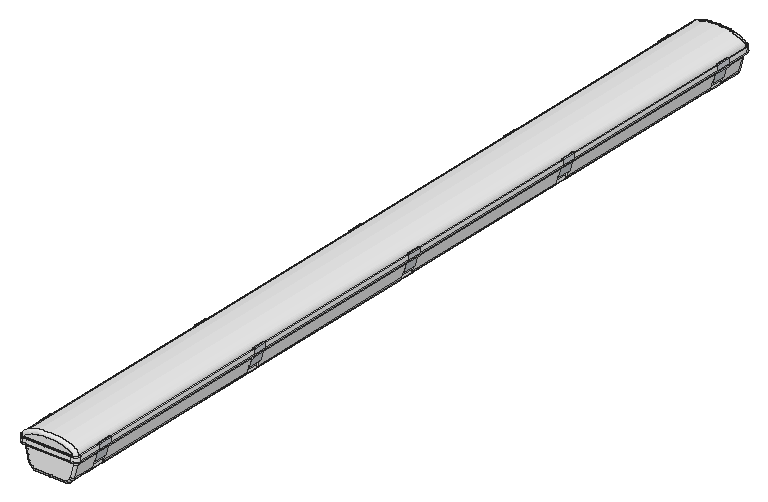
Revit family "0048795 Feilo Sylvania Lighting Fixture HYDROPROOF LED G3 1500MM T 4K MW", category Lighting Fixtures, host Face, Revit 2016
Family settings
  Host = Face
  Part Type = Normal
  Round Connector Dimension = Use Diameter
  OmniClass Number = 23.80.70.11.14
  OmniClass Title = General Luminaries, Directional
  Cut with Voids When Loaded = No
  Light Source = Yes
  Shared = No
  Room Calculation Point = No
Parameters (values of type "0048795 HYDROPROOF LED G3 1500MM T 4K MW")
  Width = 110 mm
  Weight = "2.6 kg"
  Wattage Comments = "n/a"
  Wattage = 48 W
  WarrantyStartDate [instance] = "n/a"
  WarrantyGuarantorParts = "n/a"
  WarrantyDurationUnit = "n/a"
  WarrantyDurationParts = "n/a"
  WarrantyDescription = "n/a"
  built-in parameter 1150110 = 1 (stored number, unit not read)
  Voltage = 230 V
  URL = "http://www.sylvania-lighting.com"
  TypeName = "HYDROPROOF LED G3 1500MM T 4K MW"
  Type Image = <None>
  Type Comments = "n/a"
  built-in parameter 1114217 = 1 (stored number, unit not read)
  Tilt Angle = -90.00°
  built-in parameter 1150109 = 1 (stored number, unit not read)
  built-in parameter 1150134 = 12
  built-in parameter 1150113 = 1 (stored number, unit not read)
  SerialNumber [instance] = "n/a"
  ReflectorMaterial = none
  PowerFactor = 0
  PowerConsumption = "48 W"
  Photometric Web File = "0048795.ies"
  NominalWidth = 0 mm
  NominalLength = 1578 mm
  NominalHeight = 78 mm
  Name = "HYDROPROOF LED G3 1500MM T 4K MW"
  ModelReference = "HYDROPROOF LED G3 1500MM T 4K MW"
  ModelNumber = "0048795"
  Model = "HYDROPROOF LED G3 1500MM T 4K MW"
  Material = "grp housing, pmma diffuser"
  ManufacturerName = "Feilo Sylvania"
  Manufacturer = "Feilo Sylvania"
  LuminousEfficacy = "144 lm/W"
  built-in parameter 1150105 = 550.04 (stored number, unit not read)
  Lumens = 6912 lm
  LuminaireType = ""
  built-in parameter 1150115 = 1 (stored number, unit not read)
  LightOutputRatio = "n/a"
  built-in parameter 1150137 = (empty or 0)
  built-in parameter 1150139 = (empty or 0)
  Length = 1572 mm
  LampsType = Lamp  # "LED"
  LampNominalLuminous = "6900 lm"
  LampMacAdamStep = "3"
  LampColourTemperature = "4000 K"
  LampColourRenderingIndex = "80"
  built-in parameter 1150112 = 1 (stored number, unit not read)
  built-in parameter 1150114 = 1 (stored number, unit not read)
  Lamp = "LED"
  Keynote = "16500"
  InstallationDate [instance] = "n/a"
  InputVoltage = "220-240V~"
  InputNominalFrequency = "50/60 Hz"
  built-in parameter 1150132 = (empty or 0)
  built-in parameter 1150102 = (empty or 0)
  built-in parameter 1150107 = 4000 (stored number, unit not read)
  built-in parameter 1150138 = (empty or 0)
  IngressProtection = "IP65"
  ImpactProtectionIndex = "IK02"
  built-in parameter 1150106 = 5.5004 (stored number, unit not read)
  IfcExportType = "IfcLightFixtureType"
  IfcExportAs = "IfcLightFixtureType"
  ExpectedLife = 50000
  Emit from Rectangle Width = Width - 20 mm  # 90 mm
  Emit from Rectangle Length = Length - 20 mm  # 1552 mm
  Emit Shape Visible in Rendering = no
  ElectricShockClassification = "Class I"
  built-in parameter 1150104 = 13.378 (stored number, unit not read)
  DurationUnit = "hours"
  DocumentationLiterature = "http://www.sylvania-lighting.com/product/en-int/products/0048795"
  DimmingControlOptions = "Non dimmable"
  Dimming Lamp Color Temperature Shift = <None>
  DiffuserMaterial = Diffuser-Sylvania-Transparent
  Description = "Hydroproof, integrated LED chemical resistant weatherproof luminaire, with UV stabilized flat diffuser and linear prisms designed to achieve uniform lit appearance, optimise light output and to reduce glare, stainless steel diffuser clips and fixing brackets for surface and wall mounting. L 1578 mm x W 110 mm x H 78 mm size, GRP housing, PMMA diffuser, Non dimmable,   4000K, CRI80,  6900 lm, 48 W, 144 lm/W, nominal average life (h):50000, energy class: A++ A+ A Class I,IK02, IP65."
  Default Elevation = 1219.2 mm
  CreatedOn = "3/27/2018"
  CreatedBy = "aron.fodor@feilosylvania.com"
  Cost = 0
  Color Filter = 16777215
  built-in parameter 1114216 [instance] = (empty or 0)
  ClassificationValue = "EF_70_80"
  ClassificationName = "Uniclass2015"
  BodyMaterial = Body-Sylvania-Gray
  BarCode [instance] = "n/a"
  built-in parameter 1114218 = 1 (stored number, unit not read)
  built-in parameter 1150133 = 10 (stored number, unit not read)
  AssetType = "Fixed"
  AssetIdentifier [instance] = "n/a"
  Assembly Code = "D5020200"
  Apparent Load = 48 VA
  AccessoryMaterial = Diffuser-Sylvania-Glow
Reference planes
  plane 1 "Center (Front/Back)": y = 0
  plane 2: z = 0
  plane 3 "Center (Left/Right)": x = 0
  plane 4: z = 54
  plane 5: x = -27.7
  plane 6: x = -34.8
  plane 7: x = -39.6
  plane 8: x = -42.2
  plane 9: z = 3
  plane 10: z = 7.8
  plane 11: z = 12.3
  plane 12: z = 36.6
  plane 13: z = 42.8
  plane 14: x = -51.1
  plane 15: z = 46.2
  plane 16: x = -55
  plane 17: y = 786
  plane 18: y = -786
  plane 19: x = 27.7
  plane 20: x = 34.8
  plane 21: x = 39.6
  plane 22: x = 42.2
  plane 23: x = 51.1
  plane 24: x = 55
  plane 25: y = 778.4
  plane 26: y = -778.4
  plane 27: y = -774.7
  plane 28: y = 774.7
  plane 29: z = 74
  plane 30: x = -51.5
  plane 31: x = 51.5
  plane 32: z = 55.2
  plane 33: y = -782.5
  plane 34: y = 782.5
  plane 35: x = -37.5
  plane 36: x = 37.5
  plane 37: x = -48.7
  plane 38: x = 48.7
  plane 39: x = 18
  plane 40: x = -18
  plane 41: z = 50.2
  plane 42: z = 24.6
  plane 43: y = 720
  plane 44: y = 706
  plane 45: y = 734
  plane 46: y = -720
  plane 47: y = 720
  plane 48: y = 706
  plane 49: y = 734
  plane 50: y = -720
  plane 51: y = -734
  plane 52: y = -706
  plane 53: y = 360
  plane 54: y = 346
  plane 55: y = 374
  plane 56: y = 0
  plane 57: y = -14
  plane 58: y = 14
  plane 59: y = -360
  plane 60: y = -374
  plane 61: y = -346
Forms (mm)
  Sweep 1, solid, material "Body-Sylvania-Gray" <- "BodyMaterial", detail levels medium+fine
    path origin (1223.4, -4572, 54) x (0, -1, 0) y (1, 0, 0)
      loop
        arc (-3796, -1278.4) -> (-3788.929, -1275.471) -> (-3786, -1268.4) r 10
        line (-3786, -1268.4) -> (-3786, -1178.4)
        arc (-3786, -1178.4) -> (-3788.929, -1171.329) -> (-3796, -1168.4) r 10
        line (-3796, -1168.4) -> (-5348, -1168.4)
        arc (-5348, -1168.4) -> (-5355.071, -1171.329) -> (-5358, -1178.4) r 10
        line (-5358, -1178.4) -> (-5358, -1268.4)
        arc (-5358, -1268.4) -> (-5355.071, -1275.471) -> (-5348, -1278.4) r 10
        line (-5348, -1278.4) -> (-3796, -1278.4)
    profile origin (-55, 0, 54) x (-1, 0, 0) y (0, 0, 1)
      loop
        line (0, 0) -> (-1, 0) -> (-1, -7.726)
        arc (-1, -7.726) -> (-1.994, -9.498) -> (-3.9, -10.2) r 2.937
        line (-3.9, -10.2) -> (-8.571, -10.2) -> (-8.571, -11.2) -> (-3.9, -11.2)
        arc (-3.9, -11.2) -> (-1.313, -10.231) -> (0, -7.8) r 3.937
        line (0, -7.8) -> (0, 0)
  Sweep 2, solid, material "Body-Sylvania-Gray" <- "BodyMaterial", detail levels medium+fine
    path origin (0, 0, 0) x (1, 0, 0) y (0, 0, 1)
      loop
        line (48.7, 42.8) -> (48.7, 36.6) -> (42.203, 12.31)
        arc (42.203, 12.31) -> (41.199, 9.884) -> (39.6, 7.8) r 10.052
        line (39.6, 7.8) -> (34.8, 3)
        arc (34.8, 3) -> (31.554, 0.781) -> (27.7, 0) r 9.902
        line (27.7, 0) -> (0, 0) -> (-27.7, 0)
        arc (-27.7, 0) -> (-31.554, 0.781) -> (-34.8, 3) r 9.902
        line (-34.8, 3) -> (-39.6, 7.8)
        arc (-39.6, 7.8) -> (-41.199, 9.884) -> (-42.203, 12.31) r 10.052
        line (-42.203, 12.31) -> (-48.7, 36.6) -> (-48.7, 42.8)
    profile origin (0, 0, 0) x (0, 0, -1) y (0, -1, 0)
      loop
        arc (0, 773.4) -> (-1.464, 776.936) -> (-5, 778.4) r 5
        line (-5, 778.4) -> (-7.8, 778.4) -> (-7.8, -778.4) -> (-5, -778.4)
        arc (-5, -778.4) -> (-1.464, -776.936) -> (0, -773.4) r 5
        line (0, -773.4) -> (0, 773.4)
  Extrusion 3, solid, material "Body-Sylvania-Gray" <- "BodyMaterial", detail levels medium+fine
    sketch origin (1524, 778.4, 1219.2) x (1, 0, 0) y (0, 0, 1)
      loop
        arc (-1558.668, -1204.874) -> (-1558.443, -1205.418) -> (-1558.085, -1205.885) r 2.252
        line (-1558.085, -1205.885) -> (-1553.231, -1210.738)
        arc (-1553.231, -1210.738) -> (-1552.534, -1211.227) -> (-1551.7, -1211.4) r 2.102
        line (-1551.7, -1211.4) -> (-1496.3, -1211.4)
        arc (-1496.3, -1211.4) -> (-1495.466, -1211.227) -> (-1494.769, -1210.738) r 2.102
        line (-1494.769, -1210.738) -> (-1489.915, -1205.885)
        arc (-1489.915, -1205.885) -> (-1489.557, -1205.418) -> (-1489.332, -1204.874) r 2.252
        line (-1489.332, -1204.874) -> (-1483.1, -1181.575) -> (-1483.1, -1176.4) -> (-1564.9, -1176.4) -> (-1564.9, -1181.575) -> (-1558.668, -1204.874)
    from 0 to 1556.8
  Sweep 4, solid, material "Diffuser-Sylvania-Transparent" <- "DiffuserMaterial", detail levels medium+fine
    path origin (0, 0, 0) x (1, 0, 0) y (0, 0, 1)
      loop
        spline (-51.5, 55.2) -> (-49.745, 60.066) -> (-44.6, 64.6) -> (-36.416, 68.494) -> (-25.75, 71.481) -> (-13.329, 73.359) -> (0, 74) -> (13.329, 73.359) -> (25.75, 71.481) -> (36.416, 68.494) -> (44.6, 64.6) -> (49.745, 60.066) -> (51.5, 55.2)
    profile origin (51.5, 0, 55.2) x (0, -1, 0) y (1, 0, 0)
      loop
        arc (782.5, -5.5) -> (780.889, -1.611) -> (777, 0) r 5.5
        line (777, 0) -> (-777, 0)
        arc (-777, 0) -> (-780.889, -1.611) -> (-782.5, -5.5) r 5.5
        line (-782.5, -5.5) -> (-782.5, -6.3) -> (-781.5, -6.3) -> (-781.5, -5.5)
        arc (-781.5, -5.5) -> (-780.182, -2.318) -> (-777, -1) r 4.5
        line (-777, -1) -> (777, -1)
        arc (777, -1) -> (780.182, -2.318) -> (781.5, -5.5) r 4.5
        line (781.5, -5.5) -> (781.5, -6.347) -> (782.5, -6.347) -> (782.5, -5.5)
  Extrusion 5, solid, material "Diffuser-Sylvania-Transparent" <- "DiffuserMaterial", detail levels medium+fine
    sketch origin (1524, -782.5, 1219.2) x (1, 0, 0) y (0, 0, 1)
      loop
        line (-1569.653, -1164) -> (-1478.347, -1164)
        spline (-1478.347, -1164) -> (-1478.969, -1162.594) -> (-1482.527, -1159.545) -> (-1489.588, -1156.201) -> (-1499.458, -1153.445) -> (-1511.242, -1151.663) -> (-1524, -1151.049) -> (-1536.758, -1151.663) -> (-1548.542, -1153.445) -> (-1558.412, -1156.201) -> (-1565.473, -1159.545) -> (-1569.031, -1162.594) -> (-1569.653, -1164)
    from 0 to -1
  Extrusion 6, solid, material "Diffuser-Sylvania-Transparent" <- "DiffuserMaterial", detail levels medium+fine
    sketch origin (1524, 782.5, 1219.2) x (1, 0, 0) y (0, 0, 1)
      loop
        spline (-1478.3, -1164) -> (-1478.931, -1162.565) -> (-1482.502, -1159.505) -> (-1489.572, -1156.155) -> (-1499.446, -1153.394) -> (-1511.236, -1151.614) -> (-1524, -1151.007) -> (-1536.764, -1151.614) -> (-1548.554, -1153.394) -> (-1558.428, -1156.155) -> (-1565.498, -1159.505) -> (-1569.069, -1162.565) -> (-1569.7, -1164)
        line (-1569.7, -1164) -> (-1478.3, -1164)
    from 0 to 1
  Extrusion 7, solid, material "Diffuser-Sylvania-Transparent" <- "DiffuserMaterial", detail levels medium+fine
    sketch origin (1223.4, -4572, 55.2) x (0, -1, 0) y (-1, 0, 0)
      loop
        arc (-5353.5, 1177.4) -> (-5352.182, 1174.218) -> (-5349, 1172.9) r 4.5
        line (-5349, 1172.9) -> (-3795, 1172.9)
        arc (-3795, 1172.9) -> (-3791.818, 1174.218) -> (-3790.5, 1177.4) r 4.5
        line (-3790.5, 1177.4) -> (-3790.5, 1269.4)
        arc (-3790.5, 1269.4) -> (-3791.818, 1272.582) -> (-3795, 1273.9) r 4.5
        line (-3795, 1273.9) -> (-5349, 1273.9)
        arc (-5349, 1273.9) -> (-5352.182, 1272.582) -> (-5353.5, 1269.4) r 4.5
        line (-5353.5, 1269.4) -> (-5353.5, 1177.4)
      loop
        line (-5358, 1268.4) -> (-5358, 1178.4)
        arc (-5358, 1178.4) -> (-5355.071, 1171.329) -> (-5348, 1168.4) r 10
        line (-5348, 1168.4) -> (-3796, 1168.4)
        arc (-3796, 1168.4) -> (-3788.929, 1171.329) -> (-3786, 1178.4) r 10
        line (-3786, 1178.4) -> (-3786, 1268.4)
        arc (-3786, 1268.4) -> (-3788.929, 1275.471) -> (-3796, 1278.4) r 10
        line (-3796, 1278.4) -> (-5348, 1278.4)
        arc (-5348, 1278.4) -> (-5355.071, 1275.471) -> (-5358, 1268.4) r 10
    from 0 to 1.2
  Extrusion 8, solid, material "Diffuser-Sylvania-Glow" <- "AccessoryMaterial", detail levels fine
    sketch origin (0, 0, 0) x (1, 0, 0) y (0, 0, 1)
      loop
        circle (-18, 50.2) r 8
      loop
        circle (18, 50.2) r 8
    from -774.7 to 774.7
  Extrusion 9, void
    sketch origin (0, 720, 2343.807) x (0, 0, -1) y (-1, 0, 0)
      loop
        line (2340.807, -37.5) -> (2331.507, -37.5) -> (2319.207, -42.2) -> (2319.207, -48.7) -> (2340.807, -48.7) -> (2340.807, -37.5)
      loop
        line (2340.807, 37.5) -> (2340.807, 48.7) -> (2319.207, 48.7) -> (2319.207, 42.2) -> (2331.507, 37.5) -> (2340.807, 37.5)
    from -14 to 14
  Extrusion 10, solid, material "Body-Sylvania-Gray" <- "BodyMaterial", detail levels coarse
    sketch origin (0, 0, 0) x (1, 0, 0) y (0, 0, 1)
      loop
        line (55, 42.8) -> (55, 55.2) -> (-55, 55.2) -> (-55, 42.791) -> (-42.2, 0) -> (42.2, 0) -> (55, 42.8)
    from -786 to 786
  Extrusion 11, solid, material "Diffuser-Sylvania-Transparent" <- "DiffuserMaterial", detail levels coarse
    sketch origin (0, 0, 0) x (1, 0, 0) y (0, 0, 1)
      loop
        arc (51.5, 55.2) -> (0, 74) -> (-51.5, 55.2) r 79.939
        line (-51.5, 55.2) -> (51.5, 55.2)
    from 778.4 to -778.4
  Extrusion 12, void, not visible
    sketch origin (0, 720, 2343.807) x (0, 0, -1) y (-1, 0, 0)
      loop
        line (2340.807, -37.5) -> (2331.507, -37.5) -> (2319.207, -42.2) -> (2319.207, -48.7) -> (2340.807, -48.7) -> (2340.807, -37.5)
      loop
        line (2340.807, 37.5) -> (2340.807, 48.7) -> (2319.207, 48.7) -> (2319.207, 42.2) -> (2331.507, 37.5) -> (2340.807, 37.5)
    from -14 to 14
  Extrusion 13, void
    sketch origin (0, -720, 2343.807) x (0, 0, -1) y (-1, 0, 0)
      loop
        line (2340.807, -37.5) -> (2331.507, -37.5) -> (2319.207, -42.2) -> (2319.207, -48.7) -> (2340.807, -48.7) -> (2340.807, -37.5)
      loop
        line (2340.807, 37.5) -> (2340.807, 48.7) -> (2319.207, 48.7) -> (2319.207, 42.2) -> (2331.507, 37.5) -> (2340.807, 37.5)
    from -14 to 14
  Extrusion 14, void
    sketch origin (0, 360, 2343.807) x (0, 0, -1) y (-1, 0, 0)
      loop
        line (2340.807, -37.5) -> (2331.507, -37.5) -> (2319.207, -42.2) -> (2319.207, -48.7) -> (2340.807, -48.7) -> (2340.807, -37.5)
      loop
        line (2340.807, 37.5) -> (2340.807, 48.7) -> (2319.207, 48.7) -> (2319.207, 42.2) -> (2331.507, 37.5) -> (2340.807, 37.5)
    from -14 to 14
  Extrusion 15, void
    sketch origin (0, 0, 2343.807) x (0, 0, -1) y (-1, 0, 0)
      loop
        line (2340.807, -37.5) -> (2331.507, -37.5) -> (2319.207, -42.2) -> (2319.207, -48.7) -> (2340.807, -48.7) -> (2340.807, -37.5)
      loop
        line (2340.807, 37.5) -> (2340.807, 48.7) -> (2319.207, 48.7) -> (2319.207, 42.2) -> (2331.507, 37.5) -> (2340.807, 37.5)
    from -14 to 14
  Extrusion 16, void
    sketch origin (0, -360, 2343.807) x (0, 0, -1) y (-1, 0, 0)
      loop
        line (2340.807, -37.5) -> (2331.507, -37.5) -> (2319.207, -42.2) -> (2319.207, -48.7) -> (2340.807, -48.7) -> (2340.807, -37.5)
      loop
        line (2340.807, 37.5) -> (2340.807, 48.7) -> (2319.207, 48.7) -> (2319.207, 42.2) -> (2331.507, 37.5) -> (2340.807, 37.5)
    from -14 to 14
Cuts and joins
  Extrusion 9, Extrusion 13, Extrusion 14, Extrusion 15, Extrusion 16 cuts Sweep 2
  Extrusion 13, Extrusion 14, Extrusion 15, Extrusion 16 cuts Extrusion 3
  joined: Sweep 2, Extrusion 3
  joined: Sweep 4, Extrusion 5, Extrusion 6
Dimensions and locks
  locked: plane 4 to plane 2 at 54
  plane 5 to plane 6 to plane 7 to plane 8 to plane 14 to plane 16 = 7.1 mm locked, 4.8 mm locked, 2.6 mm locked, 8.9 mm, 3.9 mm
  plane 4 to plane 15 to plane 13 to plane 12 to plane 11 to plane 10 to plane 9 = 7.8 mm locked, 3.4 mm, 6.2 mm locked, 24.3 mm locked, 4.5 mm locked, 4.8 mm locked
  equal spacing: plane 18, plane 1 "Center (Front/Back)", plane 17
  "Length": plane 18 to plane 17
  plane 19 to plane 20 to plane 21 to plane 22 to plane 23 to plane 24 = 7.1 mm locked, 4.8 mm locked, 2.6 mm locked, 8.9 mm, 3.9 mm
  equal spacing: plane 24, plane 3 "Center (Left/Right)", plane 16
  "Width": plane 24 to plane 16
  equal spacing: plane 27, plane 1 "Center (Front/Back)", plane 28
  locked: plane 26 to plane 27 at 3.7
  locked: Sweep 1 sketch curve to profile plane at 1
  locked: Sweep 1 sketch curve to plane 13 at 1
  locked: Sweep 1 sketch curve to plane 13 at 3.937  (x2)
  locked: Sweep 1 sketch curve to profile plane at 3.9  (x2)
  locked: plane 29 to plane 4 at 20
  equal spacing: plane 31, plane 3 "Center (Left/Right)", plane 30
  locked: plane 30 to plane 16 at 3.5
  locked: plane 32 to plane 4 at 1.2
  equal spacing: plane 33, plane 1 "Center (Front/Back)", plane 34
  equal spacing: plane 36, plane 3 "Center (Left/Right)", plane 35
  locked: plane 3 "Center (Left/Right)" to plane 35 at 37.5
  locked: plane 34 to plane 17 at 3.5
  equal spacing: plane 38, plane 3 "Center (Left/Right)", plane 37
  locked: plane 37 to plane 16 at 6.3
  equal spacing: plane 25, plane 1 "Center (Front/Back)", plane 26
  locked: plane 17 to plane 25 at 7.6
  locked: Sweep 2 sketch curve to plane 2 at 5  (x2)
  locked: Sweep 2 sketch curve to plane 26 at 5
  locked: plane 25 to Sweep 2 sketch curve at 5
  locked: Sweep 4 sketch curve to plane 31 at 5.5  (x2)
  locked: Sweep 4 sketch curve to plane 34 at 5.5
  plane 33 to Sweep 4 sketch curve = 5.5 mm
  locked: plane 34 to Sweep 4 sketch curve at 1
  locked: Sweep 4 sketch curve to plane 31 at 1
  locked: Sweep 4 sketch curve to Sweep 4 sketch curve at 1
  locked: Sweep 4 sketch curve to plane 31 at 6.347
  locked: Sweep 4 sketch curve to plane 31 at 6.3
  equal spacing: plane 39, plane 3 "Center (Left/Right)", plane 40
  locked: plane 3 "Center (Left/Right)" to plane 40 at 18
  locked: plane 42 to plane 2 at 24.6
  plane 45 to plane 43 to plane 44 = 14 mm locked, 14 mm locked
  locked: plane 17 to plane 43 at 66
  equal spacing: plane 43, plane 1 "Center (Front/Back)", plane 46
  plane 49 to plane 47 to plane 48 = 14 mm locked, 14 mm locked
  plane 52 to plane 50 to plane 51 = 14 mm locked, 14 mm locked  (x2)
  equal spacing: group 1, group 6, group 7, group 8, group 5  (x2)
  equal spacing: group 5, group 8, group 7, group 6, group 1
  plane 55 to plane 53 to plane 54 = 14 mm locked, 14 mm locked  (x2)
  plane 58 to plane 56 to plane 57 = 14 mm locked, 14 mm locked  (x2)
  plane 61 to plane 59 to plane 60 = 14 mm locked, 14 mm locked  (x2)
  plane 43 to plane 53 to plane 1 "Center (Front/Back)" to plane 59 to plane 50 = 360 mm locked, 360 mm locked, 360 mm locked, 360 mm locked
  aligned and locked: plane 2 to host face
  aligned and locked: level to host face
  aligned and locked: plane 16 to Sweep 1 sketch curve
  aligned and locked: Sweep 1 sketch curve to plane 24
  aligned and locked: plane 18 to Sweep 1 sketch curve
  aligned and locked: Sweep 1 sketch curve to plane 13
  aligned and locked: profile plane to Sweep 1 sketch curve
  aligned and locked: plane 3 "Center (Left/Right)" to Sweep 2 sketch curve
  aligned and locked: plane 9 to Sweep 2 sketch curve
  aligned and locked: plane 10 to Sweep 2 sketch curve
  aligned and locked: plane 37 to Sweep 2 sketch curve
  aligned and locked: plane 12 to Sweep 2 sketch curve
  aligned and locked: Sweep 2 sketch curve to level
  aligned and locked: plane 21 to Sweep 2 sketch curve
  aligned and locked: plane 38 to Sweep 2 sketch curve
  aligned and locked: profile plane to Sweep 2 sketch curve
  aligned and locked: plane 25 to Sweep 2 sketch curve
  aligned and locked: Sweep 2 sketch curve to plane 10
  aligned and locked: Extrusion 3 sketch curve to Sweep 2  (x7)
  aligned and locked: Sweep 2 to Extrusion 3 sketch curve
  aligned and locked: Extrusion 3 to plane 25
  aligned and locked: plane 26 to Extrusion 3
  aligned and locked: plane 32 to Sweep 4 sketch curve
  aligned and locked: plane 33 to Sweep 4 sketch curve
  aligned and locked: Sweep 4 to Extrusion 5
  aligned and locked: plane 33 to Extrusion 5
  aligned and locked: Extrusion 5 sketch curve to Sweep 4
  aligned and locked: cut or joined group of Sweep 4, Extrusion 5, Extrusion 6 to Extrusion 6 sketch curve
  aligned and locked: Extrusion 7 sketch curve to cut or joined group of Sweep 4, Extrusion 5, Extrusion 6  (x2)
  aligned and locked: cut or joined group of Sweep 4, Extrusion 5, Extrusion 6 to Extrusion 7 sketch curve  (x2)
  aligned and locked: plane 41 to Extrusion 8 sketch curve  (x2)
  aligned and locked: plane 39 to Extrusion 8 sketch curve
  aligned and locked: plane 27 to Extrusion 8
  aligned and locked: Extrusion 8 to plane 28
  aligned and locked: Extrusion 9 to plane 42
  aligned and locked: plane 9 to Extrusion 9
  aligned and locked: plane 44 to Extrusion 9
  aligned and locked: Extrusion 9 to plane 45
  aligned and locked: Extrusion 7 sketch curve to Sweep 1  (x4)
  aligned and locked: plane 4 to Extrusion 7
  aligned and locked: Extrusion 7 to plane 32
  aligned and locked: nested 2 to plane 43
  aligned and locked: plane 43 to nested 1
  aligned and locked: Extrusion 10 sketch curve to plane 24
  aligned and locked: Extrusion 10 sketch curve to Extrusion 7
  aligned and locked: plane 8 to Extrusion 10 sketch curve
  aligned and locked: plane 22 to Extrusion 10 sketch curve
  aligned and locked: level to Extrusion 10 sketch curve
  aligned and locked: Extrusion 10 to plane 17
  aligned and locked: plane 18 to Extrusion 10
  aligned and locked: cut or joined group of Sweep 4, Extrusion 5, Extrusion 6 to Extrusion 11 sketch curve
  aligned and locked: Extrusion 11 sketch curve to cut or joined group of Sweep 4, Extrusion 5, Extrusion 6  (x2)
  aligned and locked: plane 31 to Extrusion 11 sketch curve
  aligned and locked: plane 30 to Extrusion 11 sketch curve
  aligned and locked: plane 26 to Extrusion 11
  aligned and locked: Extrusion 11 to plane 25
  aligned and locked: imposter light to plane 29
  aligned and locked: plane 3 "Center (Left/Right)" to imposter light
  aligned and locked: plane 1 "Center (Front/Back)" to imposter light
  aligned and locked: plane 51 to Extrusion 13
  aligned and locked: Extrusion 13 to plane 52
  aligned and locked: plane 54 to Extrusion 14
  aligned and locked: Extrusion 14 to plane 55
  aligned and locked: plane 57 to Extrusion 15
  aligned and locked: Extrusion 15 to plane 58
  aligned and locked: plane 60 to Extrusion 16
  aligned and locked: Extrusion 16 to plane 61
  aligned and locked: nested 3 to plane 53
  aligned and locked: plane 53 to nested 10
  aligned and locked: nested 4 to plane 56
  aligned and locked: plane 56 to nested 9
  aligned and locked: nested 5 to plane 59
  aligned and locked: plane 59 to nested 8
  aligned and locked: nested 6 to plane 50
  aligned and locked: plane 50 to nested 7
Automatic sketch dimensions
  host sketch curve to host sketch curve = 2438.4 mm  (x2)
  plane 17 to Sweep 1 sketch curve = 0 mm
  Sweep 1 sketch curve to plane 28 = 1.3 mm
  Sweep 1 sketch curve to plane 7 = 5.4 mm
  plane 27 to Sweep 1 sketch curve = 1.3 mm  (x2)
  Sweep 1 sketch curve to Sweep 1 sketch curve = 4.671 mm
  Sweep 1 sketch curve to plane 4 = 0 mm
  Sweep 2 sketch curve to plane 7 = 0 mm
  Sweep 2 sketch curve to plane 6 = 0 mm
  Sweep 2 sketch curve to plane 5 = 0 mm
  plane 19 to Sweep 2 sketch curve = 0 mm
  Sweep 2 sketch curve to plane 9 = 0 mm
  plane 20 to Sweep 2 sketch curve = 0 mm
  Sweep 2 sketch curve to plane 12 = 0 mm
  Sweep 2 sketch curve to plane 10 = 0 mm
  Sweep 2 sketch curve to plane 13 = 0 mm  (x2)
  Sweep 2 sketch curve to plane 8 = 0.003 mm
  plane 6 to Sweep 2 sketch curve = 2.308 mm
  plane 20 to Sweep 2 sketch curve = 2.308 mm
  Sweep 2 sketch curve to plane 22 = 0.003 mm
  Sweep 2 sketch curve to plane 11 = 0.01 mm  (x2)
  Extrusion 3 sketch curve to plane 5 = 0 mm
  plane 19 to Extrusion 3 sketch curve = 0 mm
  plane 6 to Extrusion 3 sketch curve = 0.132 mm
  plane 6 to Extrusion 3 sketch curve = 0.715 mm
  Extrusion 3 sketch curve to Extrusion 3 sketch curve = 1.592 mm
  Extrusion 3 sketch curve to plane 10 = 0.662 mm  (x2)
  plane 20 to Extrusion 3 sketch curve = 2.308 mm
  plane 20 to Extrusion 3 sketch curve = 0.715 mm
  plane 20 to Extrusion 3 sketch curve = 0.132 mm
  Sweep 4 sketch curve to plane 30 = 0 mm
  Sweep 4 sketch curve to plane 3 "Center (Left/Right)" = 0 mm
  Sweep 4 sketch curve to Sweep 4 sketch curve = 0 mm  (x2)
  plane 37 to Extrusion 5 sketch curve = 3.047 mm
  Extrusion 5 sketch curve to plane 38 = 3.047 mm
  plane 37 to Extrusion 6 sketch curve = 3 mm
  Extrusion 6 sketch curve to plane 38 = 3 mm
  plane 25 to Extrusion 7 sketch curve = 1.4 mm  (x2)
  Extrusion 7 sketch curve to plane 26 = 1.4 mm  (x2)
  Extrusion 8 sketch curve to plane 40 = 0 mm
  Extrusion 9 sketch curve to Extrusion 9 sketch curve = 0 mm
  Extrusion 9 sketch curve to Extrusion 9 sketch curve = 12.3 mm  (x2)
  Extrusion 9 sketch curve to Extrusion 9 sketch curve = 9.3 mm  (x2)
  Extrusion 9 sketch curve to Extrusion 9 sketch curve = 6.5 mm
  Extrusion 9 sketch curve to Extrusion 9 sketch curve = 4.7 mm  (x2)
  Extrusion 9 sketch curve to Extrusion 9 sketch curve = 75 mm
  Extrusion 9 sketch curve to Extrusion 9 sketch curve = 11.2 mm
  Extrusion 10 sketch curve to plane 13 = 0 mm
  plane 13 to Extrusion 10 sketch curve = 0.009 mm
  Extrusion 11 sketch curve to level = 5.939 mm
  Extrusion 10 sketch curve to plane 16 = 0 mm
  Extrusion 12 sketch curve to Extrusion 12 sketch curve = 0 mm
  Extrusion 12 sketch curve to Extrusion 12 sketch curve = 12.3 mm  (x2)
  Extrusion 12 sketch curve to Extrusion 12 sketch curve = 9.3 mm  (x2)
  Extrusion 12 sketch curve to Extrusion 12 sketch curve = 6.5 mm
  Extrusion 12 sketch curve to Extrusion 12 sketch curve = 4.7 mm  (x2)
  Extrusion 12 sketch curve to Extrusion 12 sketch curve = 75 mm
  Extrusion 12 sketch curve to Extrusion 12 sketch curve = 11.2 mm
  Extrusion 13 sketch curve to Extrusion 13 sketch curve = 0 mm
  Extrusion 13 sketch curve to Extrusion 13 sketch curve = 12.3 mm  (x2)
  Extrusion 13 sketch curve to Extrusion 13 sketch curve = 9.3 mm  (x2)
  Extrusion 13 sketch curve to Extrusion 13 sketch curve = 6.5 mm
  Extrusion 13 sketch curve to Extrusion 13 sketch curve = 4.7 mm  (x2)
  Extrusion 13 sketch curve to Extrusion 13 sketch curve = 75 mm
  Extrusion 13 sketch curve to Extrusion 13 sketch curve = 11.2 mm
  Extrusion 14 sketch curve to Extrusion 14 sketch curve = 0 mm
  Extrusion 14 sketch curve to Extrusion 14 sketch curve = 12.3 mm  (x2)
  Extrusion 14 sketch curve to Extrusion 14 sketch curve = 9.3 mm  (x2)
  Extrusion 14 sketch curve to Extrusion 14 sketch curve = 6.5 mm
  Extrusion 14 sketch curve to Extrusion 14 sketch curve = 4.7 mm  (x2)
  Extrusion 14 sketch curve to Extrusion 14 sketch curve = 75 mm
  Extrusion 14 sketch curve to Extrusion 14 sketch curve = 11.2 mm
  Extrusion 15 sketch curve to Extrusion 15 sketch curve = 0 mm
  Extrusion 15 sketch curve to Extrusion 15 sketch curve = 12.3 mm  (x2)
  Extrusion 15 sketch curve to Extrusion 15 sketch curve = 9.3 mm  (x2)
  Extrusion 15 sketch curve to Extrusion 15 sketch curve = 6.5 mm
  Extrusion 15 sketch curve to Extrusion 15 sketch curve = 4.7 mm  (x2)
  Extrusion 15 sketch curve to Extrusion 15 sketch curve = 75 mm
  Extrusion 15 sketch curve to Extrusion 15 sketch curve = 11.2 mm
  Extrusion 16 sketch curve to Extrusion 16 sketch curve = 0 mm
  Extrusion 16 sketch curve to Extrusion 16 sketch curve = 12.3 mm  (x2)
  Extrusion 16 sketch curve to Extrusion 16 sketch curve = 9.3 mm  (x2)
  Extrusion 16 sketch curve to Extrusion 16 sketch curve = 6.5 mm
  Extrusion 16 sketch curve to Extrusion 16 sketch curve = 4.7 mm  (x2)
  Extrusion 16 sketch curve to Extrusion 16 sketch curve = 75 mm
  Extrusion 16 sketch curve to Extrusion 16 sketch curve = 11.2 mm
  radius of Extrusion 8 sketch curve = 8 mm  (x2)
Nested families
  nested 1: "Clip" at (42.2, 720, 24.6), type "Clip", detail levels fine
  nested 2: "Clip" at (-42.2, 720, 24.6) x (-1, 0, 0) z (0, 0, 1), type "Clip", detail levels fine
  nested 3: "Clip" at (-42.2, 360, 24.6) x (-1, 0, 0) z (0, 0, 1), type "Clip", detail levels fine
  nested 4: "Clip" at (-42.2, 0, 24.6) x (-1, 0, 0) z (0, 0, 1), type "Clip", detail levels fine
  nested 5: "Clip" at (-42.2, -360, 24.6) x (-1, 0, 0) z (0, 0, 1), type "Clip", detail levels fine
  nested 6: "Clip" at (-42.2, -720, 24.6) x (-1, 0, 0) z (0, 0, 1), type "Clip", detail levels fine
  nested 7: "Clip" at (42.2, -720, 24.6), type "Clip", detail levels fine
  nested 8: "Clip" at (42.2, -360, 24.6), type "Clip", detail levels fine
  nested 9: "Clip" at (42.2, 0, 24.6), type "Clip", detail levels fine
  nested 10: "Clip" at (42.2, 360, 24.6), type "Clip", detail levels fine
Connectors
  electrical at (0, 0, 0), driven by "Apparent Load"
    settings: index 1, voltage 230 V, apparent load 48 VA, apparent load phase1 0 VA, apparent load phase2 0 VA, apparent load phase3 0 VA, power factor 0, load classification "Lighting", number of poles 1, system type 30, power factor state 1, is connector primary yes, connector utility no, sub classification motor no, connector description ""
Definition of nested family "Clip"
  Parameters (values of type "Clip")
    URL = "http://www.feilosylvania.com"
    Type Comments = "n/a"
    Model = "n/a"
    Manufacturer = "Feilo Sylvania"
    Keynote = "n/a"
    Description = "n/a"
    Default Elevation = 1219.2 mm
    Cost = 0
    BodyMaterial = none
    Assembly Code = "n/a"
  Reference planes
    plane 1 "Center (Front/Back)": y = 0
    plane 2: z = 0
    plane 3 "Center (Left/Right)": x = 0
    plane 4: x = 3.3
    plane 5: x = 6.5
    plane 6: x = 8.9
    plane 7: x = 12.8
    plane 8: z = 12
    plane 9: z = 18.2
    plane 10: z = 21.6
    plane 11: z = 30.6
    plane 12: x = 9.3
    plane 13: z = 19.2
    plane 14: z = 16.2
    plane 15: x = 10.1
    plane 16: y = 12
    plane 17: y = -12
  Forms (mm)
    Extrusion 1, solid
      sketch origin (-0.8, 0, 0) x (1, 0, 0) y (0, 1, 0)
        loop
          line (-1219.2, 1219.2) -> (-1219.2, -1219.2) -> (1219.2, -1219.2) -> (1219.2, 1219.2) -> (-1219.2, 1219.2)
      from 0 to -304.8
    Extrusion 2, solid
      sketch origin (0, 0, 0) x (1, 0, 0) y (0, 0, 1)
        loop
          line (8.9, 16.2) -> (4.58, 0) -> (0, 0) -> (0, -0.8) -> (5.195, -0.8) -> (9.603, 15.731) -> (13.6, 18.806) -> (13.6, 30.6)
          arc (13.6, 30.6) -> (11.45, 32.75) -> (9.3, 30.6) r 2.15
          line (9.3, 30.6) -> (10.1, 30.6)
          arc (10.1, 30.6) -> (11.45, 31.95) -> (12.8, 30.6) r 1.35
          line (12.8, 30.6) -> (12.8, 19.2) -> (8.9, 16.2)
      from -12 to 12
  Lines and regions (mm)
    reference lines
      curve 1: line (3.3, 0, 0) -> (6.5, 0, 12)
      curve 2: arc (8.9, 0, 18.2) -> (11.488, 0, 19.169) -> (12.8, 0, 21.6) r 3.934
  Dimensions and locks
    plane 7 to plane 6 to plane 5 to plane 4 to plane 3 "Center (Left/Right)" = 3.9 mm locked, 2.4 mm locked, 3.2 mm locked, 3.3 mm locked
    plane 11 to plane 10 to plane 9 to plane 8 to plane 2 = 9 mm locked, 3.4 mm locked, 6.2 mm locked, 12 mm locked
    locked: plane 7 to plane 12 at 3.5
    locked: plane 13 to plane 9 at 1
    locked: plane 9 to plane 14 at 2
    locked: plane 15 to plane 12 at 0.8
    locked: plane 2 to Extrusion 2 sketch curve at 0.8
    locked: Extrusion 2 sketch curve to Extrusion 2 sketch curve at 0.8  (x3)
    locked: plane 7 to Extrusion 2 sketch curve at 1.35
    equal spacing: plane 17, plane 1 "Center (Front/Back)", plane 16
    locked: plane 1 "Center (Front/Back)" to plane 16 at 12
    aligned and locked: plane 2 to Extrusion 1
    aligned and locked: level to Extrusion 1
    aligned and locked: plane 4 to curve 1
    aligned and locked: plane 5 to curve 1
    aligned and locked: plane 6 to curve 2
    aligned and locked: plane 10 to curve 2
    aligned and locked: plane 14 to Extrusion 2 sketch curve
    aligned and locked: plane 13 to Extrusion 2 sketch curve
    aligned and locked: plane 7 to Extrusion 2 sketch curve
    aligned and locked: plane 3 "Center (Left/Right)" to Extrusion 2 sketch curve
    aligned and locked: Extrusion 2 sketch curve to level
    aligned and locked: Extrusion 2 sketch curve to plane 11
    aligned and locked: plane 11 to Extrusion 2 sketch curve
    aligned and locked: Extrusion 2 to plane 16
    aligned and locked: plane 17 to Extrusion 2
  Automatic sketch dimensions
    Extrusion 1 sketch curve to Extrusion 1 sketch curve = 2438.4 mm  (x2)
    curve 2 to plane 7 = 0 mm
    curve 1 to level = 0 mm
    curve 1 to plane 8 = 0 mm
    curve 2 to plane 9 = 0 mm
    plane 6 to curve 2 = 0.002 mm
    Extrusion 2 sketch curve to Extrusion 2 sketch curve = 0 mm
    Extrusion 2 sketch curve to plane 6 = 0 mm
    plane 4 to Extrusion 2 sketch curve = 1.28 mm
